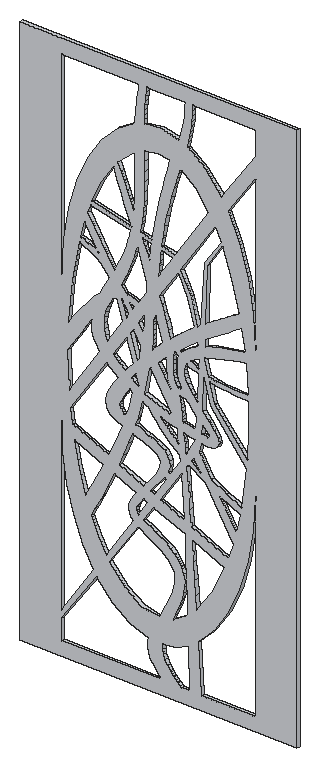
Revit family "Mardi Gras", category Generic Models, Revit 2016
Family settings
  Part Type = Normal
  Can host rebar = No
  Round Connector Dimension = Use Diameter
  Work Plane-Based = No
  Always vertical = Yes
  Cut with Voids When Loaded = No
  Shared = No
  Room Calculation Point = No
Reference planes (in)
  plane 1 "Center (Front/Back)": y = 0
  plane 2: z = 0
  plane 3 "Center (Left/Right)": x = 0
Forms (in)
  Extrusion 1, solid
    sketch origin (96, 0, 0) x (1, 0, 0) y (0, 0, 1)
      loop
        line (-48, 96) -> (-96, 96) -> (-96, 0) -> (-48, 0) -> (-48, 96)
      loop
        line (-75.39739, 93.6) -> (-88.8, 93.6) -> (-88.8, 59.42112)
        spline (-88.8, 59.42112) -> (-88.69777, 62.57215) -> (-88.39232, 65.68483) -> (-87.88738, 68.72127) -> (-87.18908, 71.64454) -> (-86.30593, 74.41904) -> (-85.24867, 77.01101) -> (-84.03018, 79.38891) -> (-82.66527, 81.52379) -> (-81.17056, 83.38969) -> (-79.56425, 84.96387) -> (-77.86588, 86.2272) -> (-76.09612, 87.16429)
        line (-76.09612, 87.16429) -> (-76.05197, 87.9726) -> (-75.99602, 88.77986) -> (-75.92647, 89.5859) -> (-75.84171, 90.3906) -> (-75.74293, 91.19404) -> (-75.63361, 91.99655) -> (-75.51726, 92.79843) -> (-75.39739, 93.6)
      loop
        line (-74.45472, 88.45625) -> (-74.4638, 87.7183)
        spline (-74.4638, 87.7183) -> (-73.96404, 87.83144) -> (-73.46251, 87.919) -> (-72.95967, 87.98089) -> (-72.45596, 88.01706) -> (-71.95184, 88.02748) -> (-71.44776, 88.01214) -> (-70.94419, 87.97105) -> (-70.44156, 87.90425) -> (-69.94033, 87.8118) -> (-69.44096, 87.69378) -> (-68.9439, 87.5503) -> (-68.44959, 87.38149)
        line (-68.44959, 87.38149) -> (-68.19537, 88.13227) -> (-67.97269, 88.89001) -> (-67.78682, 89.65586) -> (-67.64292, 90.43097) -> (-67.54017, 91.21515) -> (-67.46883, 92.00625) -> (-67.41843, 92.80197) -> (-67.37849, 93.6) -> (-72, 93.6) -> (-74.00041, 93.6) -> (-74.09584, 92.86689) -> (-74.18714, 92.13355) -> (-74.27019, 91.39975) -> (-74.34085, 90.66525) -> (-74.39519, 89.92984) -> (-74.43251, 89.19347) -> (-74.45472, 88.45625)
      loop
        line (-61.01501, 81.06501) -> (-55.2, 89.38666) -> (-55.2, 93.6) -> (-66.0065, 93.6) -> (-66.05694, 92.72849) -> (-66.11562, 91.85849) -> (-66.19076, 90.99149) -> (-66.29059, 90.12901) -> (-66.42314, 89.27249) -> (-66.5906, 88.42235) -> (-66.78865, 87.5778) -> (-67.01262, 86.73798)
        spline (-67.01262, 86.73798) -> (-66.46582, 86.43093) -> (-65.92553, 86.09217) -> (-65.39238, 85.72207) -> (-64.86698, 85.32109) -> (-64.34996, 84.88969) -> (-63.84193, 84.42837) -> (-63.34348, 83.93769) -> (-62.85519, 83.4182) -> (-62.37765, 82.87053) -> (-61.91141, 82.29532) -> (-61.45702, 81.69325) -> (-61.01501, 81.06501)
      loop
        line (-55.2, 85.88559) -> (-59.89956, 79.26542)
        spline (-59.89956, 79.26542) -> (-59.18023, 77.90955) -> (-58.5132, 76.47824) -> (-57.9012, 74.97735) -> (-57.34672, 73.41299) -> (-56.85202, 71.79154) -> (-56.41912, 70.11963) -> (-56.04979, 68.40407) -> (-55.74554, 66.65186) -> (-55.5076, 64.87014) -> (-55.33694, 63.0662) -> (-55.23427, 61.24739) -> (-55.2, 59.42112)
        line (-55.2, 59.42112) -> (-55.2, 85.88559)
      loop
        spline (-63.24714, 77.88806) -> (-63.62988, 78.4589) -> (-64.0197, 79.00398) -> (-64.41627, 79.52285) -> (-64.81925, 80.01507) -> (-65.2283, 80.48021) -> (-65.64308, 80.91789) -> (-66.06323, 81.32773) -> (-66.4884, 81.7094) -> (-66.91824, 82.06256) -> (-67.35237, 82.38691) -> (-67.79043, 82.68219) -> (-68.23205, 82.94814)
        line (-68.23205, 82.94814) -> (-68.71976, 81.321) -> (-69.19901, 79.69229) -> (-69.66131, 78.06046) -> (-70.09819, 76.42396) -> (-70.50119, 74.78121) -> (-70.86183, 73.13066) -> (-71.17163, 71.47075) -> (-71.42315, 69.80014) -> (-69.13979, 69.29018) -> (-69.08484, 69.18038) -> (-63.24714, 77.88806)
      loop
        spline (-70.00167, 83.70728) -> (-70.36411, 83.80409) -> (-70.72743, 83.88158) -> (-71.09144, 83.93968) -> (-71.45593, 83.97838) -> (-71.82073, 83.99765) -> (-72.18562, 83.99748) -> (-72.5504, 83.97788) -> (-72.9149, 83.93884) -> (-73.27889, 83.8804) -> (-73.6422, 83.80258) -> (-74.00462, 83.70542) -> (-74.36596, 83.58899)
        line (-74.36596, 83.58899) -> (-74.34042, 81.98238) -> (-74.32574, 80.37616) -> (-74.33277, 78.77071) -> (-74.37236, 77.16643) -> (-74.45537, 75.56369) -> (-74.59264, 73.96289) -> (-74.7946, 72.36467) -> (-75.06602, 70.77285) -> (-74.99553, 70.59798) -> (-73.11268, 70.17747) -> (-72.82098, 71.8922) -> (-72.49082, 73.59764) -> (-72.12715, 75.29497) -> (-71.73556, 76.98554) -> (-71.32164, 78.6707) -> (-70.89095, 80.35181) -> (-70.4491, 82.03022) -> (-70.00167, 83.70728)
      loop
        spline (-76.20916, 82.68245) -> (-76.44946, 82.52442) -> (-76.68863, 82.35764) -> (-76.92661, 82.18216) -> (-77.16334, 81.99801) -> (-77.39877, 81.80524) -> (-77.63282, 81.6039) -> (-77.86545, 81.39404) -> (-78.09659, 81.17572) -> (-78.32619, 80.949) -> (-78.55418, 80.71392) -> (-78.78051, 80.47055) -> (-79.00512, 80.21894)
        line (-79.00512, 80.21894) -> (-78.45531, 78.92126) -> (-77.90634, 77.62321) -> (-77.35908, 76.32441) -> (-76.81438, 75.02452) -> (-76.27308, 73.72314) -> (-76.1421, 75.51589) -> (-76.08992, 77.30805) -> (-76.09684, 79.09976) -> (-76.14315, 80.89118) -> (-76.20916, 82.68245)
      loop
        line (-78.57922, 75.92274) -> (-79.20271, 77.56579) -> (-79.82733, 79.20828)
        spline (-79.82733, 79.20828) -> (-80.16569, 78.74919) -> (-80.49893, 78.27083) -> (-80.82683, 77.77348) -> (-81.14921, 77.25747) -> (-81.46584, 76.72311) -> (-81.77655, 76.17075) -> (-82.08112, 75.60072) -> (-82.37937, 75.0134) -> (-82.67112, 74.40913) -> (-82.95617, 73.78831) -> (-83.23436, 73.15132) -> (-83.5055, 72.49856)
        line (-83.5055, 72.49856) -> (-76.72693, 70.98466) -> (-77.34019, 72.63274) -> (-77.958, 74.27858) -> (-78.57922, 75.92274)
      loop
        line (-74.72316, 69.91915) -> (-74.48817, 69.32918) -> (-74.25462, 68.73858) -> (-74.02259, 68.14732) -> (-73.79217, 67.55537) -> (-73.56342, 66.96269) -> (-73.49738, 67.48443) -> (-73.42892, 68.00562) -> (-73.35787, 68.52622) -> (-73.28406, 69.04616) -> (-73.20731, 69.56542) -> (-74.0608, 69.77747) -> (-74.72316, 69.91915)
      loop
        line (-76.79883, 70.36315) -> (-83.76097, 71.85239)
        spline (-83.76097, 71.85239) -> (-83.80228, 71.74489) -> (-83.8434, 71.63702) -> (-83.88433, 71.52878) -> (-83.92508, 71.42016) -> (-83.96564, 71.31117) -> (-84.006, 71.20182) -> (-84.04618, 71.09209) -> (-84.08617, 70.982) -> (-84.12597, 70.87155) -> (-84.16557, 70.76073) -> (-84.20498, 70.64955) -> (-84.2442, 70.53802)
        line (-84.2442, 70.53802) -> (-79.61477, 63.21025) -> (-79.12897, 64.10409) -> (-78.6717, 64.99879) -> (-78.25392, 65.89362) -> (-77.88127, 66.78814) -> (-77.55186, 67.68233) -> (-77.26327, 68.57622) -> (-77.01307, 69.46982) -> (-76.79883, 70.36315)
      loop
        line (-82.38444, 64.93717) -> (-84.79712, 68.86103)
        spline (-84.79712, 68.86103) -> (-84.86037, 68.65559) -> (-84.92298, 68.44914) -> (-84.98496, 68.2417) -> (-85.04631, 68.03327) -> (-85.10703, 67.82386) -> (-85.1671, 67.61348) -> (-85.22653, 67.40215) -> (-85.28532, 67.18987) -> (-85.34346, 66.97665) -> (-85.40095, 66.76251) -> (-85.45778, 66.54746) -> (-85.51396, 66.3315)
        line (-85.51396, 66.3315) -> (-84.86465, 66.07529) -> (-84.22119, 65.81342) -> (-83.58944, 65.54022) -> (-82.97524, 65.25002) -> (-82.38444, 64.93717)
      loop
        line (-71.5066, 69.14288) -> (-71.60202, 68.31037) -> (-71.68796, 67.47633) -> (-71.76633, 66.6412) -> (-71.83903, 65.80539) -> (-71.90796, 64.96932) -> (-69.58164, 68.43934) -> (-69.7201, 68.69903) -> (-71.5066, 69.14288)
      loop
        line (-62.16785, 76.06885) -> (-68.12499, 67.26278) -> (-66.30806, 63.63285) -> (-65.17571, 59.41687) -> (-64.62468, 59.7863) -> (-64.07424, 69.79337) -> (-61.12914, 73.97739)
        spline (-61.12914, 73.97739) -> (-61.21259, 74.1596) -> (-61.29662, 74.3404) -> (-61.38122, 74.51979) -> (-61.4664, 74.69775) -> (-61.55214, 74.87427) -> (-61.63845, 75.04934) -> (-61.72532, 75.22296) -> (-61.81274, 75.3951) -> (-61.90071, 75.56578) -> (-61.98922, 75.73497) -> (-62.07827, 75.90266) -> (-62.16785, 76.06885)
      loop
        line (-63.45427, 69.58268) -> (-63.78316, 60.33836) -> (-62.60827, 61.08772) -> (-61.43462, 61.81591) -> (-60.2619, 62.52823) -> (-59.08981, 63.22996) -> (-57.91802, 63.9264)
        spline (-57.91802, 63.9264) -> (-58.11315, 64.80285) -> (-58.31864, 65.66676) -> (-58.53436, 66.51746) -> (-58.76014, 67.35433) -> (-58.99582, 68.17674) -> (-59.2412, 68.98407) -> (-59.49613, 69.77572) -> (-59.76039, 70.55111) -> (-60.0338, 71.30964) -> (-60.31614, 72.05076) -> (-60.60722, 72.77391) -> (-60.90681, 73.47856)
        line (-60.90681, 73.47856) -> (-63.45427, 69.58268)
      loop
        line (-65.77749, 59.00554) -> (-66.90101, 63.41178) -> (-68.58877, 66.5772) -> (-71.72021, 61.94819) -> (-71.31374, 60.75642) -> (-70.92239, 59.56019) -> (-70.54848, 58.35917) -> (-70.19429, 57.15307) -> (-69.86326, 55.94584) -> (-69.0435, 56.60206) -> (-68.22515, 57.23439) -> (-67.4081, 57.84459) -> (-66.59224, 58.43439) -> (-65.77749, 59.00554)
      loop
        line (-74.13736, 61.64388) -> (-73.97401, 63.28691) -> (-75.68107, 68.12938) -> (-75.93753, 67.23931) -> (-76.21786, 66.35781) -> (-76.52223, 65.48602) -> (-76.85081, 64.62507) -> (-77.20376, 63.7761) -> (-77.58124, 62.94022) -> (-77.98319, 62.11662) -> (-78.40923, 61.30205) -> (-77.75842, 60.2719) -> (-77.31709, 60.20103) -> (-76.87197, 60.09507) -> (-76.42311, 59.95635) -> (-75.97055, 59.78718) -> (-75.51436, 59.58992) -> (-74.13736, 61.64388)
      loop
        line (-84.93887, 65.13285) -> (-85.72985, 65.4679)
        spline (-85.72985, 65.4679) -> (-85.96809, 64.44509) -> (-86.19185, 63.40522) -> (-86.40088, 62.34937) -> (-86.59498, 61.27864) -> (-86.77393, 60.19412) -> (-86.93755, 59.09696) -> (-87.08568, 57.98829) -> (-87.21816, 56.86925) -> (-87.33485, 55.74102) -> (-87.43563, 54.60475) -> (-87.5204, 53.46163) -> (-87.58907, 52.31284)
        line (-87.58907, 52.31284) -> (-86.51036, 53.7668) -> (-85.42769, 55.17736) -> (-84.33708, 56.50113) -> (-83.23459, 57.6947) -> (-82.11623, 58.71467) -> (-81.82232, 59.28289) -> (-81.5151, 59.85318) -> (-81.19757, 60.42533) -> (-80.87277, 60.99915) -> (-80.5437, 61.57443) -> (-81.00068, 62.26096) -> (-81.51159, 62.8932) -> (-82.08277, 63.46296) -> (-82.72004, 63.96264) -> (-83.41855, 64.39673) -> (-84.1633, 64.7813) -> (-84.93887, 65.13285)
      loop
        line (-76.24323, 58.86518) -> (-76.43523, 58.93653) -> (-76.62873, 59.0004) -> (-76.82373, 59.05622) -> (-77.02025, 59.10347) -> (-76.44787, 58.19747) -> (-76.05272, 58.78688) -> (-76.24323, 58.86518)
      loop
        line (-77.52256, 56.54507) -> (-77.09866, 57.17563) -> (-77.34586, 57.57767) -> (-77.59307, 57.97972) -> (-77.84027, 58.38176) -> (-78.08748, 58.7838) -> (-78.33468, 59.18584) -> (-78.20925, 58.75661) -> (-78.07417, 58.30279) -> (-77.92059, 57.79951) -> (-77.73967, 57.22189) -> (-77.52256, 56.54507)
      loop
        line (-74.49888, 57.92158) -> (-75.39012, 56.52319) -> (-74.75052, 55.51079) -> (-74.52303, 55.91164) -> (-74.43343, 56.38456) -> (-74.43242, 56.89813) -> (-74.47067, 57.42094) -> (-74.49888, 57.92158)
      loop
        line (-72.43179, 58.54485) -> (-72.63303, 58.22749) -> (-72.77259, 57.8711) -> (-72.86011, 57.48458) -> (-72.90524, 57.0768) -> (-72.90689, 56.23309) -> (-72.85469, 55.4111) -> (-72.82577, 54.68195) -> (-72.87049, 54.09063) -> (-72.9566, 53.60142) -> (-73.03592, 53.16308) -> (-72.6926, 53.48443) -> (-72.34959, 53.80032) -> (-72.0069, 54.11089) -> (-71.66451, 54.41625) -> (-71.32243, 54.71653) -> (-71.8741, 56.63153) -> (-72.43179, 58.54485)
      loop
        line (-76.34394, 55.11322) -> (-76.78286, 54.4644) -> (-75.53016, 50.6641) -> (-75.35175, 50.85289) -> (-75.04896, 53.00714) -> (-76.34394, 55.11322)
      loop
        line (-79.30537, 58.937) -> (-79.93853, 58.65872) -> (-80.38042, 57.85399) -> (-80.76918, 57.03332) -> (-81.07798, 56.19087) -> (-81.27998, 55.32081) -> (-81.35086, 54.41959) -> (-81.28728, 53.5031) -> (-81.09649, 52.59696) -> (-80.7858, 51.72688) -> (-78.21067, 55.56802) -> (-79.30537, 58.937)
      loop
        line (-77.53022, 53.35962) -> (-79.74505, 50.08557) -> (-78.74914, 49.12829) -> (-77.62946, 48.31768) -> (-76.3336, 49.79366) -> (-77.53022, 53.35962)
      loop
        spline (-56.94979, 58.26571) -> (-56.99068, 58.5757) -> (-57.03278, 58.88484) -> (-57.0761, 59.19309) -> (-57.12062, 59.50044) -> (-57.16635, 59.80686) -> (-57.21328, 60.11232) -> (-57.2614, 60.4168) -> (-57.31072, 60.72028) -> (-57.36122, 61.02273) -> (-57.41291, 61.32413) -> (-57.46578, 61.62444) -> (-57.51983, 61.92366)
        line (-57.51983, 61.92366) -> (-58.80047, 61.1495) -> (-60.07834, 60.37081) -> (-61.35068, 59.58304) -> (-62.61472, 58.78165) -> (-63.86771, 57.96211) -> (-63.90952, 56.78673) -> (-63.0605, 57.04234) -> (-62.20136, 57.26398) -> (-61.33555, 57.46307) -> (-60.46459, 57.64463) -> (-59.5895, 57.81217) -> (-58.71131, 57.96919) -> (-57.83107, 58.1192) -> (-56.94979, 58.26571)
      loop
        line (-65.09697, 56.33669) -> (-65.26804, 57.00761) -> (-65.64349, 56.74342) -> (-66.01727, 56.47649) -> (-66.3893, 56.2067) -> (-66.7595, 55.93391) -> (-67.12779, 55.65807) -> (-67.49407, 55.37917) -> (-67.85825, 55.09717) -> (-68.22023, 54.81207) -> (-68.20099, 54.74364) -> (-68.16651, 54.69487) -> (-68.12031, 54.66125) -> (-68.06589, 54.63826) -> (-67.94644, 54.60611) -> (-67.88843, 54.58792) -> (-67.83625, 54.5623) -> (-67.52144, 54.84461) -> (-67.19406, 55.10983) -> (-66.85781, 55.35703) -> (-66.51555, 55.58576) -> (-66.16799, 55.79694) -> (-65.81547, 55.99173) -> (-65.45835, 56.17126) -> (-65.09697, 56.33669)
      loop
        spline (-56.3843, 51.7727) -> (-56.40516, 52.2017) -> (-56.42825, 52.63009) -> (-56.45359, 53.05782) -> (-56.48116, 53.48483) -> (-56.51096, 53.91104) -> (-56.54298, 54.3364) -> (-56.57723, 54.76086) -> (-56.6137, 55.18434) -> (-56.65238, 55.60679) -> (-56.69326, 56.02814) -> (-56.73635, 56.44834) -> (-56.78163, 56.86733)
        line (-56.78163, 56.86733) -> (-58.33881, 56.52614) -> (-59.86629, 56.17615) -> (-61.33438, 55.80854) -> (-62.71339, 55.4145) -> (-63.97362, 54.98522) -> (-63.975, 54.94634) -> (-63.28899, 52.39216) -> (-61.93342, 52.08656) -> (-60.56461, 51.90121) -> (-59.18312, 51.80672) -> (-57.7895, 51.77368) -> (-56.3843, 51.7727)
      loop
        line (-64.99783, 53.00218) -> (-64.91023, 54.59488) -> (-65.25186, 54.42927) -> (-65.57327, 54.25767) -> (-65.87336, 54.07974) -> (-66.15105, 53.89517) -> (-66.40524, 53.70362) -> (-66.27585, 53.54895) -> (-66.11756, 53.4379) -> (-65.74548, 53.29769) -> (-65.35143, 53.18509) -> (-64.99783, 53.00218)
      loop
        line (-67.09347, 52.97465) -> (-67.35009, 52.4684) -> (-67.46023, 51.9187) -> (-67.41262, 51.3222) -> (-67.20683, 50.67941) -> (-66.8654, 49.99893) -> (-66.41385, 49.29043) -> (-65.87769, 48.56358) -> (-65.28244, 47.82805) -> (-65.04596, 52.12727) -> (-65.29654, 52.28144) -> (-65.58309, 52.39199) -> (-65.88754, 52.47434) -> (-66.19181, 52.5439) -> (-66.47784, 52.61609) -> (-66.72757, 52.70634) -> (-66.92291, 52.83005) -> (-67.09347, 52.97465)
      loop
        line (-68.66226, 53.92533) -> (-68.79595, 54.01028) -> (-68.93608, 54.06567) -> (-69.07089, 54.11755) -> (-69.18868, 54.19197) -> (-69.29943, 53.49948) -> (-69.39011, 52.80933) -> (-69.44062, 52.12384) -> (-69.4075, 51.19205) -> (-69.3425, 50.77596) -> (-69.17917, 50.11529) -> (-68.96075, 49.46101) -> (-68.70743, 48.81078) -> (-68.52218, 48.847) -> (-68.32321, 48.86315) -> (-68.11, 48.84547) -> (-67.94406, 48.79355) -> (-68.22446, 49.38246) -> (-68.46428, 49.97829) -> (-68.67814, 50.76136) -> (-68.73764, 51.20516) -> (-68.757, 51.83862) -> (-68.71885, 52.48188) -> (-68.64237, 53.13169) -> (-68.54672, 53.78477) -> (-68.66226, 53.92533)
      loop
        line (-69.93597, 48.14555) -> (-70.21927, 48.97118) -> (-70.39032, 49.63713) -> (-70.48018, 50.18595) -> (-70.51995, 50.66017) -> (-70.54071, 51.10232) -> (-70.57353, 51.55495) -> (-70.64951, 52.06057) -> (-70.78303, 52.63889) -> (-71.03037, 52.41296) -> (-71.27611, 52.1853) -> (-71.52022, 51.9559) -> (-71.76266, 51.72475) -> (-72.00339, 51.49185) -> (-69.93597, 48.14555)
      loop
        line (-76.0873, 47.08044) -> (-75.47345, 46.68778) -> (-75.40371, 47.02258) -> (-75.8762, 48.4306) -> (-76.67776, 47.50727) -> (-76.0873, 47.08044)
      loop
        line (-73.30432, 50.16975) -> (-73.55353, 49.9031) -> (-74.33243, 45.85789) -> (-69.57099, 44.09805) -> (-73.30432, 50.16975)
      loop
        line (-68.33456, 47.60532) -> (-68.23465, 47.29784) -> (-68.12668, 46.9213) -> (-67.99038, 46.33091) -> (-67.90374, 45.88523) -> (-67.80563, 45.18709) -> (-67.75571, 44.61649) -> (-67.74009, 44.16923) -> (-67.72372, 43.70064) -> (-66.6311, 43.48221) -> (-65.53941, 43.26397) -> (-65.42071, 45.33437) -> (-65.90474, 45.96161) -> (-66.1922, 46.31126) -> (-66.67681, 46.90071) -> (-66.97571, 47.23268) -> (-67.28556, 47.5768) -> (-67.73415, 47.69976) -> (-68.33456, 47.60532)
      loop
        line (-64.40653, 44.39173) -> (-64.45073, 43.03089) -> (-64.04671, 42.95206) -> (-63.71425, 42.89784) -> (-63.45241, 42.87148) -> (-63.26027, 42.87624) -> (-63.13593, 42.91407) -> (-63.07366, 42.98197) -> (-63.06683, 43.07575) -> (-63.10882, 43.19121) -> (-63.193, 43.32415) -> (-63.31273, 43.47038) -> (-63.46139, 43.62569) -> (-63.63234, 43.7859) -> (-64.01462, 44.10421) -> (-64.40653, 44.39173)
      loop
        spline (-56.52858, 41.8511) -> (-56.47473, 42.61162) -> (-56.42799, 43.3746) -> (-56.38838, 44.1397) -> (-56.35592, 44.90657) -> (-56.33063, 45.67486) -> (-56.31251, 46.44422) -> (-56.30158, 47.21428) -> (-56.29784, 47.98471) -> (-56.3013, 48.75514) -> (-56.31194, 49.52523) -> (-56.32977, 50.29461) -> (-56.35478, 51.06295)
        line (-56.35478, 51.06295) -> (-57.20384, 51.08566) -> (-58.0518, 51.10719) -> (-58.89784, 51.13413) -> (-59.74117, 51.17308) -> (-60.58097, 51.23063) -> (-61.41643, 51.31339) -> (-62.24674, 51.42795) -> (-63.0711, 51.58091) -> (-62.24513, 48.50564) -> (-56.52858, 41.8511)
      loop
        line (-62.95844, 47.94982) -> (-63.9377, 51.79029) -> (-64.08587, 51.83019) -> (-64.26994, 46.65632) -> (-63.19934, 45.43809) -> (-62.28288, 44.31933) -> (-61.65295, 43.3502) -> (-61.43525, 42.5786) -> (-61.65675, 42.01899) -> (-62.26912, 41.66037) -> (-63.22216, 41.49107) -> (-64.48215, 41.49956) -> (-64.93041, 40.04365) -> (-62.78021, 36.56338) -> (-60.16905, 35.26472) -> (-57.52924, 34.02504)
        spline (-57.52924, 34.02504) -> (-57.4371, 34.53752) -> (-57.34842, 35.05319) -> (-57.26321, 35.57193) -> (-57.18149, 36.09362) -> (-57.10329, 36.61812) -> (-57.02862, 37.14533) -> (-56.95749, 37.67511) -> (-56.88994, 38.20734) -> (-56.82597, 38.74189) -> (-56.76559, 39.27863) -> (-56.70882, 39.81744) -> (-56.65569, 40.3582)
        line (-56.65569, 40.3582) -> (-62.95844, 47.94982)
      loop
        line (-84.42959, 52.83531) -> (-85.23401, 51.59448) -> (-86.05019, 50.38108) -> (-86.87421, 49.18597) -> (-87.70216, 48)
        spline (-87.70216, 48) -> (-87.70051, 47.47774) -> (-87.69555, 46.95559) -> (-87.68729, 46.43366) -> (-87.67573, 45.91206) -> (-87.66086, 45.3909) -> (-87.64271, 44.87029) -> (-87.62126, 44.35034) -> (-87.59652, 43.83116) -> (-87.5685, 43.31285) -> (-87.5372, 42.79553) -> (-87.50264, 42.2793) -> (-87.46481, 41.76428)
        line (-87.46481, 41.76428) -> (-82.20015, 49.6172) -> (-82.60612, 50.15782) -> (-82.94589, 50.70559) -> (-83.21634, 51.25962) -> (-83.41991, 51.81952) -> (-83.56037, 52.38503) -> (-83.6415, 52.9559) -> (-83.66707, 53.53188) -> (-83.64086, 54.11271) -> (-84.42959, 52.83531)
      loop
        spline (-87.20934, 39.05157) -> (-87.18736, 38.85743) -> (-87.1649, 38.66358) -> (-87.14198, 38.47001) -> (-87.11859, 38.27674) -> (-87.09472, 38.08378) -> (-87.07039, 37.89112) -> (-87.04559, 37.69877) -> (-87.02033, 37.50675) -> (-86.99459, 37.31505) -> (-86.96839, 37.12368) -> (-86.94173, 36.93265) -> (-86.91461, 36.74197)
        line (-86.91461, 36.74197) -> (-80.62872, 34.07977) -> (-79.78657, 35.87364) -> (-78.95299, 37.77635) -> (-78.28172, 39.44167) -> (-79.48737, 39.9851) -> (-80.43562, 40.62388) -> (-81.01933, 41.39114) -> (-81.18108, 42.30158) -> (-80.97771, 43.32757) -> (-80.48202, 44.43553) -> (-79.76682, 45.5919) -> (-78.90491, 46.76312) -> (-79.59156, 47.23943) -> (-80.22371, 47.71689) -> (-80.94103, 48.31763) -> (-87.20934, 39.05157)
      loop
        line (-77.65527, 41.15362) -> (-77.26108, 42.34344) -> (-76.825, 43.80803) -> (-76.43271, 45.30549) -> (-77.00313, 45.61273) -> (-77.2168, 45.29874) -> (-77.42715, 44.98226) -> (-77.63411, 44.66329) -> (-77.83765, 44.3418) -> (-78.03771, 44.0178) -> (-78.23424, 43.69127) -> (-78.42697, 43.36213) -> (-78.59018, 43.02216) -> (-78.65522, 42.65145) -> (-78.60811, 42.26633) -> (-78.46738, 41.90361) -> (-78.25158, 41.59725) -> (-77.97626, 41.35141) -> (-77.65527, 41.15362)
      loop
        line (-75.52135, 41.69289) -> (-75.90645, 40.48691) -> (-75.13456, 40.18647) -> (-74.38488, 39.88189) -> (-73.64435, 39.58086) -> (-72.90018, 39.29079) -> (-72.15828, 38.999) -> (-71.45543, 38.65971) -> (-70.83128, 38.22403) -> (-70.3265, 37.64525) -> (-70.00071, 36.9166) -> (-69.93026, 36.06657) -> (-70.1921, 35.12489) -> (-69.88747, 34.91902) -> (-68.19263, 37.42694) -> (-68.30087, 38.41556) -> (-69.09082, 39.0057) -> (-69.85513, 39.62389) -> (-70.58984, 40.27172) -> (-71.29099, 40.95077) -> (-71.95462, 41.66265) -> (-72.57675, 42.40892) -> (-73.15343, 43.19117) -> (-73.67436, 43.99499) -> (-74.16382, 44.21512) -> (-74.73513, 44.47207) -> (-75.08006, 43.19333) -> (-75.52135, 41.69289)
      loop
        line (-71.57185, 43.18515) -> (-70.60957, 42.08262) -> (-69.76222, 41.2452) -> (-69.08659, 40.64456) -> (-68.51016, 40.17002) -> (-68.62871, 40.97354) -> (-68.68135, 41.77618) -> (-68.76543, 42.45986) -> (-69.76626, 42.68001) -> (-70.77109, 42.93497) -> (-71.57185, 43.18515)
      loop
        line (-65.57954, 41.72542) -> (-67.56559, 42.19677) -> (-67.43855, 41.31602) -> (-67.37012, 40.5662) -> (-67.33306, 39.88621) -> (-67.25864, 39.14694) -> (-67.12141, 39.03475) -> (-65.57954, 41.72542)
      loop
        line (-66.1686, 38.25585) -> (-64.59113, 36.85785) -> (-65.85564, 38.70773) -> (-66.1686, 38.25585)
      loop
        line (-57.77116, 32.77521) -> (-61.47167, 34.49213) -> (-58.46816, 29.73797)
        spline (-58.46816, 29.73797) -> (-58.40528, 29.98511) -> (-58.34327, 30.23338) -> (-58.28211, 30.48278) -> (-58.22182, 30.73328) -> (-58.16241, 30.98487) -> (-58.10386, 31.23754) -> (-58.0462, 31.49126) -> (-57.98941, 31.74603) -> (-57.93351, 32.00183) -> (-57.8785, 32.25863) -> (-57.82438, 32.51643) -> (-57.77116, 32.77521)
      loop
        line (-66.77233, 37.38414) -> (-67.0676, 36.95781) -> (-66.83159, 34.1614) -> (-66.67665, 32.2929) -> (-66.53814, 30.60217) -> (-66.32965, 28.02383) -> (-59.82401, 25.26857)
        spline (-59.82401, 25.26857) -> (-59.75248, 25.47147) -> (-59.68159, 25.67556) -> (-59.61135, 25.88082) -> (-59.54175, 26.08724) -> (-59.47281, 26.29482) -> (-59.40453, 26.50353) -> (-59.33691, 26.71337) -> (-59.26996, 26.92433) -> (-59.20367, 27.1364) -> (-59.13806, 27.34957) -> (-59.07312, 27.56381) -> (-59.00886, 27.77913)
        line (-59.00886, 27.77913) -> (-63.87908, 35.6998) -> (-64.81814, 36.22177) -> (-65.95668, 36.88106) -> (-66.77233, 37.38414)
      loop
        line (-76.48731, 38.81707) -> (-77.10185, 37.19967) -> (-78.00085, 35.02715) -> (-78.77218, 33.29349) -> (-74.51557, 31.49073) -> (-73.34929, 32.81561) -> (-72.35314, 34.07859) -> (-71.71517, 35.23216) -> (-71.62343, 36.22877) -> (-72.20405, 37.03831) -> (-73.33302, 37.70093) -> (-74.82316, 38.27454) -> (-76.48731, 38.81707)
      loop
        line (-72.63096, 30.69256) -> (-70.54771, 33.79294) -> (-70.8577, 34.05856) -> (-73.33746, 31.02637) -> (-72.63096, 30.69256)
      loop
        line (-68.00955, 35.59775) -> (-71.68442, 30.29169) -> (-67.47869, 28.51047) -> (-67.62696, 30.8608) -> (-67.81755, 33.40971) -> (-68.00955, 35.59775)
      loop
        spline (-55.2, 36.57888) -> (-55.27614, 33.85843) -> (-55.50387, 31.16263) -> (-55.88113, 28.51594) -> (-56.4045, 25.94233) -> (-57.06923, 23.46513) -> (-57.8693, 21.1068) -> (-58.79746, 18.88871) -> (-59.84528, 16.83098) -> (-61.00329, 14.95225) -> (-62.26097, 13.26955) -> (-63.60693, 11.79814) -> (-65.02897, 10.55134)
        line (-65.02897, 10.55134) -> (-64.5086, 2.4) -> (-55.2, 2.4) -> (-55.2, 36.57888)
      loop
        line (-60.45966, 23.58774) -> (-66.16443, 25.95546) -> (-65.90181, 22.62953) -> (-65.69178, 19.94438) -> (-65.50886, 17.59386) -> (-65.33851, 15.40021)
        spline (-65.33851, 15.40021) -> (-64.88293, 15.91027) -> (-64.43478, 16.45378) -> (-63.99451, 17.03017) -> (-63.56259, 17.63885) -> (-63.13946, 18.27919) -> (-62.72557, 18.95051) -> (-62.32135, 19.65211) -> (-61.92722, 20.38327) -> (-61.54359, 21.14322) -> (-61.17087, 21.93116) -> (-60.80943, 22.74629) -> (-60.45966, 23.58774)
      loop
        line (-67.20808, 22.8864) -> (-67.36755, 26.4548) -> (-72.78464, 28.70312) -> (-74.5429, 26.16441) -> (-73.46567, 25.54759) -> (-72.40816, 24.99229) -> (-71.45387, 24.46565) -> (-70.5957, 23.93622) -> (-69.82655, 23.37252) -> (-69.13929, 22.74308) -> (-68.52684, 22.01643) -> (-67.99027, 21.16941) -> (-67.58085, 20.22977) -> (-67.36826, 19.24433) -> (-67.37869, 18.24684) -> (-67.56421, 17.24871) -> (-67.86959, 16.25919) -> (-68.23966, 15.2875) -> (-68.62601, 14.3405) -> (-69.01557, 13.41264) -> (-69.40673, 12.49436)
        spline (-69.40673, 12.49436) -> (-69.19581, 12.57873) -> (-68.9854, 12.66969) -> (-68.77556, 12.76721) -> (-68.56631, 12.87129) -> (-68.35771, 12.9819) -> (-68.14978, 13.09902) -> (-67.94256, 13.22263) -> (-67.7361, 13.35271) -> (-67.53044, 13.48923) -> (-67.3256, 13.63216) -> (-67.12164, 13.78149) -> (-66.91858, 13.93718)
        line (-66.91858, 13.93718) -> (-66.98699, 16.30113) -> (-67.08413, 19.44258) -> (-67.20808, 22.8864)
      loop
        line (-75.46107, 26.67151) -> (-73.80261, 29.12562) -> (-74.56071, 29.44026) -> (-74.98125, 28.87293) -> (-75.3126, 28.4179) -> (-75.55537, 28.05062) -> (-75.71014, 27.74655) -> (-75.75805, 27.22987) -> (-75.65238, 26.96817) -> (-75.46107, 26.67151)
      loop
        line (-81.4988, 32.31985) -> (-86.54079, 34.41248)
        spline (-86.54079, 34.41248) -> (-86.41196, 33.70922) -> (-86.27667, 33.01238) -> (-86.13496, 32.32226) -> (-85.98691, 31.63918) -> (-85.83258, 30.96345) -> (-85.67204, 30.29537) -> (-85.50536, 29.63523) -> (-85.33262, 28.98334) -> (-85.15389, 28.33998) -> (-84.96926, 27.70545) -> (-84.77881, 27.08003) -> (-84.58262, 26.46401)
        line (-84.58262, 26.46401) -> (-83.42919, 28.61568) -> (-82.25621, 30.84175) -> (-81.4988, 32.31985)
      loop
        spline (-83.58932, 23.70999) -> (-83.39459, 23.23048) -> (-83.1961, 22.75917) -> (-82.9939, 22.29622) -> (-82.78805, 21.84178) -> (-82.57863, 21.39601) -> (-82.36571, 20.95904) -> (-82.14936, 20.53104) -> (-81.92964, 20.11213) -> (-81.70663, 19.70246) -> (-81.48041, 19.30216) -> (-81.25105, 18.91136) -> (-81.01863, 18.5302)
        line (-81.01863, 18.5302) -> (-76.31675, 25.40533) -> (-76.75128, 25.86622) -> (-77.05638, 26.35482) -> (-77.20921, 26.877) -> (-77.19287, 27.43713) -> (-77.02136, 28.0317) -> (-76.71869, 28.65462) -> (-76.30888, 29.29982) -> (-75.81597, 29.96124) -> (-79.59853, 31.53116) -> (-80.81865, 29.05398) -> (-81.92768, 26.88607) -> (-82.83938, 25.1378) -> (-83.58932, 23.70999)
      loop
        line (-75.50496, 24.77532) -> (-80.44244, 17.6462)
        spline (-80.44244, 17.6462) -> (-79.796, 16.75052) -> (-79.13152, 15.92714) -> (-78.45053, 15.17797) -> (-77.75463, 14.50476) -> (-77.0454, 13.90904) -> (-76.3245, 13.39222) -> (-75.5936, 12.95547) -> (-74.85438, 12.59981) -> (-74.10855, 12.32606) -> (-73.35785, 12.13486) -> (-72.604, 12.02664) -> (-71.84876, 12.00167)
        line (-71.84876, 12.00167) -> (-70.70671, 14.09306) -> (-69.76216, 16.12512) -> (-69.21261, 18.0385) -> (-69.25557, 19.77387) -> (-70.08609, 21.27254) -> (-71.68222, 22.53453) -> (-73.63724, 23.66388) -> (-75.50496, 24.77532)
      loop
        line (-68.03148, 2.4) -> (-66.59415, 2.4) -> (-66.7905, 9.38249)
        spline (-66.7905, 9.38249) -> (-67.14877, 9.19103) -> (-67.50946, 9.01325) -> (-67.87239, 8.84924) -> (-68.23739, 8.69909) -> (-68.60426, 8.56286) -> (-68.97284, 8.44063) -> (-69.34292, 8.33245) -> (-69.71433, 8.23839) -> (-70.08689, 8.15849) -> (-70.4604, 8.09278) -> (-70.83467, 8.0413) -> (-71.20954, 8.00408)
        line (-71.20954, 8.00408) -> (-71.24261, 7.23065) -> (-71.1258, 6.48262) -> (-70.85297, 5.76103) -> (-70.44766, 5.06188) -> (-69.93636, 4.3807) -> (-69.34556, 3.71298) -> (-68.70177, 3.05424) -> (-68.03148, 2.4)
      loop
        line (-71.88746, 3.08101) -> (-72.47994, 3.76557) -> (-73.01114, 4.45726) -> (-73.45042, 5.15962) -> (-73.76714, 5.87621) -> (-73.93085, 6.61057) -> (-73.92966, 7.36409) -> (-73.78477, 8.13429)
        spline (-73.78477, 8.13429) -> (-74.59028, 8.31447) -> (-75.38973, 8.56075) -> (-76.18125, 8.87255) -> (-76.963, 9.24915) -> (-77.73314, 9.68966) -> (-78.48987, 10.19305) -> (-79.23142, 10.75815) -> (-79.95606, 11.38363) -> (-80.6621, 12.06803) -> (-81.34788, 12.80975) -> (-82.0118, 13.60706) -> (-82.6523, 14.45808)
        line (-82.6523, 14.45808) -> (-88.8, 5.93708) -> (-88.8, 2.4) -> (-71.26433, 2.4) -> (-71.88746, 3.08101)
      loop
        line (-88.8, 7.15221) -> (-83.22801, 15.29962)
        spline (-83.22801, 15.29962) -> (-84.07344, 16.68695) -> (-84.8599, 18.17143) -> (-85.58355, 19.74582) -> (-86.24084, 21.40243) -> (-86.82859, 23.13316) -> (-87.3439, 24.92957) -> (-87.78427, 26.78288) -> (-88.14754, 28.68404) -> (-88.43194, 30.62376) -> (-88.63609, 32.59257) -> (-88.75897, 34.58084) -> (-88.8, 36.57888)
        line (-88.8, 36.57888) -> (-88.8, 7.15221)
    from 0 to 0.5
Dimensions and locks (in)
  aligned and locked: plane 2 to level
